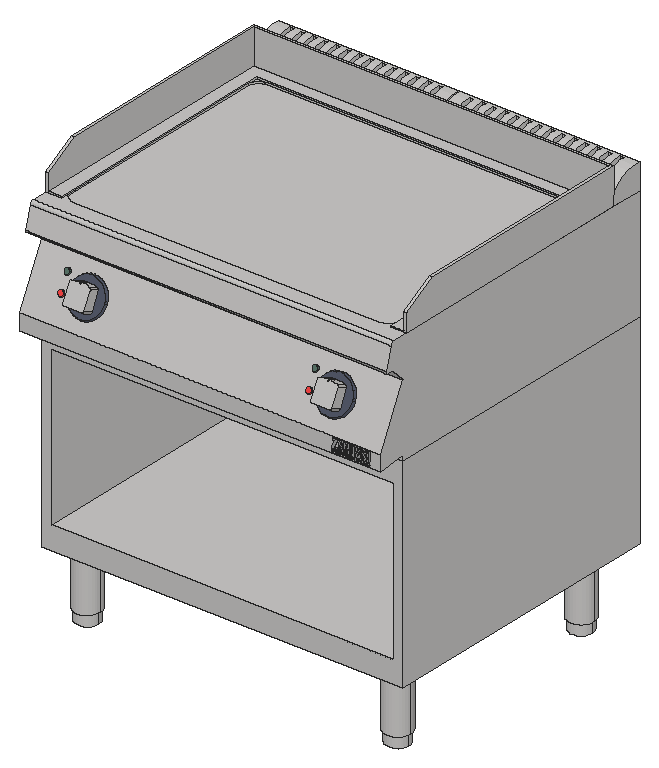
Revit family "QF_ZANUSSI_372346_Z7IIKDBLMEA", category Specialty Equipment, Revit 2018
Family settings
  Round Connector Dimension = Use Diameter
  Part Type = Normal
  Work Plane-Based = No
  Always vertical = Yes
  Cut with Voids When Loaded = No
  Shared = No
  Room Calculation Point = No
Parameters (values of type "Standard")
  Weight = 80.00 kg
  Watts = 0 W
  Volts = 400 V
  URL Manufacturer = "http://www.zanussiprofessional.com"
  URL = "http://www.zanussiprofessional.com"
  Steam Supply Size = 0"
  Steam Supply Minimum Pressure = 0.00 psi
  Steam Supply Maximum Pressure = 0.00 psi
  Steam Pounds per Hour = 0
  Show Logo [instance] = yes
  Show Clearance [instance] = yes
  Refrigeration Suction Line Size = 0"
  Refrigeration Liquid Line Size = 0"
  Refrigerant Compressor Remote = yes
  Phase = 3
  Model = "Z7IIKDBLMEA"
  Manufacturer = "Zanussi"
  Length Actual = 800 mm  # constant formula
  Item Number = "372346"
  Hot Water Size = 0"
  Height Actual = 850 mm  # constant formula
  HP = "11.3 HP"
  Gas Size = 0"
  Gas KW = 0
  Gas Input Pressure = 0.0 Btu/h
  Direct Waste Size = 0"
  Description = "ELECTRIC FRY TOP-SMOOTH PLATE+OPEN BASE 800MM-BRUSHED CHROME"
  Depth Actual = 700 mm  # constant formula
  Cycle = 60 Hz
  Condensate Return Size = 0"
  Compressed Air Volume = 0 GPM
  Compressed Air Size = 0"
  Compressed Air Pressure = 0.00 psi
  Cold Water Size = 0"
  Assembly Code = ""
  Accessory = yes
Reference planes
  plane 1 "BACK": y = 0
  plane 2: z = 0
  plane 3 "LEFT": x = 0
  plane 4 "RIGHT": x = 800
  plane 5 "FRONT": y = -716
  plane 6 "TOP": z = 288.925
  plane 7 "Center Y": x = 400
  plane 8 "Center X": y = -358
  plane 9 "BASE": z = 600
  plane 10 "TOP A": z = 850
  plane 11: y = -597.884
  plane 12: y = -147.637
  plane 13: y = -700
  plane 14 "panel": through (-6096, -715, 65.146) normal (0, 0.8956, -0.4448)
  plane 15: z = 930
  plane 16: z = 850
  plane 17: z = 149
  plane 18: x = 748
  plane 19: y = -29
  plane 20: y = -506
Forms (mm)
  Extrusion 1, solid, material "QF_Finishes_Stainless Steel"
    sketch origin (0, 0, 576) x (0, 1, 0) y (0, 0, 1)
      loop
        line (0, 24) -> (0, 274) -> (-679.358, 274)
        arc (-679.358, 274) -> (-684.643, 271.811) -> (-686.833, 266.526) r 7.474
        line (-686.833, 266.526) -> (-699.884, 221.011)
        arc (-699.884, 221.011) -> (-699.396, 218.379) -> (-697, 217.184) r 3
        line (-697, 217.184) -> (-686.802, 217.184) -> (-654.982, 185.364) -> (-716, 64.508) -> (-716, 29.508) -> (-658.645, 37.428)
        arc (-658.645, 37.428) -> (-656.101, 36.674) -> (-655, 34.259) r 3.2
        line (-655, 34.259) -> (-655, 24) -> (0, 24)
    from 0 to 800
  Extrusion 2, void
    sketch origin (0, -2.381, 850) x (-1, 0, 0) y (0, -1, 0)
      loop
        arc (-60.425, 102.504) -> (-42.464, 109.943) -> (-35.025, 127.904) r 25.4
        line (-35.025, 127.904) -> (-35.025, 617.104)
        arc (-35.025, 617.104) -> (-42.464, 635.064) -> (-60.425, 642.504) r 25.4
        line (-60.425, 642.504) -> (-739.575, 642.504)
        arc (-739.575, 642.504) -> (-757.536, 635.064) -> (-764.975, 617.104) r 25.4
        line (-764.975, 617.104) -> (-764.975, 127.904)
        arc (-764.975, 127.904) -> (-757.536, 109.943) -> (-739.575, 102.504) r 25.4
        line (-739.575, 102.504) -> (-60.425, 102.504)
    from 0 to -3.2
  Extrusion 3, solid, material "QF_Finishes_Clearance", visible <- "Show Clearance", detail levels coarse
    sketch origin (0, 0, 576) x (1, 0, 0) y (0, 1, 0)
      loop
        line (0, -716) -> (0, 0) -> (800, 0) -> (800, -716) -> (900, -716) -> (900, 100) -> (-100, 100) -> (-100, -716) -> (0, -716)
    from -576 to 354
  Sweep 4, solid, material "QF_Finishes_Stainless Steel"
    path origin (0, -2.381, 850) x (-1, 0, 0) y (0, -1, 0)
      loop
        line (-764.975, 642.504) -> (-764.975, 102.504) -> (-35.025, 102.504) -> (-35.025, 642.504)
    profile origin (35.025, -374.885, 850) x (1, 0, 0) y (0, 0, 1)
      loop
        line (-35.025, 0) -> (0, 0) -> (0, 3.175) -> (-28.675, 3.175) -> (-28.675, 80) -> (-35.025, 80) -> (-35.025, 0)
  Extrusion 5, void
    sketch origin (0, -69.86, 850) x (0, 1, 0) y (0, 0, 1)
      loop
        line (-575.025, 40.119) -> (-501.995, 80) -> (-575.025, 80) -> (-575.025, 40.119)
    from 0 to 6.35
  Extrusion 6, void
    sketch origin (800, -644.885, 850) x (0, -1, 0) y (0, 0, 1)
      loop
        line (0, 40.119) -> (0, 80) -> (-73.03, 80) -> (0, 40.119)
    from 0 to 6.35
  Extrusion 7, solid, material "QF_Finishes_Stainless Steel"
    sketch origin (0, 0, 576) x (0, 1, 0) y (0, 0, 1)
      loop
        line (0, 274) -> (0, 331.492)
        arc (0, 331.492) -> (-38.8, 324.37) -> (-69.85, 300.038) r 82.447
        line (-69.85, 300.038) -> (-69.85, 274) -> (0, 274)
    from 0 to 400.05
  Extrusion 8, void
    sketch origin (0, 0, 850.638) x (0, -1, 0) y (1, 0, 0)
      loop
        line (6.761, 29.703) -> (63.911, 29.703) -> (63.911, 38.999) -> (6.761, 38.999) -> (6.761, 29.703)
      loop
        line (63.911, 64.487) -> (6.761, 64.487) -> (6.761, 55.191) -> (63.911, 55.191) -> (63.911, 64.487)
      loop
        line (63.911, 89.975) -> (6.761, 89.975) -> (6.761, 80.68) -> (63.911, 80.68) -> (63.911, 89.975)
      loop
        line (63.911, 115.464) -> (6.761, 115.464) -> (6.761, 106.168) -> (63.911, 106.168) -> (63.911, 115.464)
      loop
        line (63.911, 140.952) -> (6.761, 140.952) -> (6.761, 131.656) -> (63.911, 131.656) -> (63.911, 140.952)
      loop
        line (63.911, 166.44) -> (6.761, 166.44) -> (6.761, 157.145) -> (63.911, 157.145) -> (63.911, 166.44)
      loop
        line (63.911, 191.929) -> (6.761, 191.929) -> (6.761, 182.633) -> (63.911, 182.633) -> (63.911, 191.929)
      loop
        line (63.911, 217.417) -> (6.761, 217.417) -> (6.761, 208.121) -> (63.911, 208.121) -> (63.911, 217.417)
      loop
        line (63.911, 242.905) -> (6.761, 242.905) -> (6.761, 233.61) -> (63.911, 233.61) -> (63.911, 242.905)
      loop
        line (63.911, 268.394) -> (6.761, 268.394) -> (6.761, 259.098) -> (63.911, 259.098) -> (63.911, 268.394)
      loop
        line (63.911, 293.882) -> (6.761, 293.882) -> (6.761, 284.586) -> (63.911, 284.586) -> (63.911, 293.882)
      loop
        line (63.911, 319.37) -> (6.761, 319.37) -> (6.761, 310.075) -> (63.911, 310.075) -> (63.911, 319.37)
      loop
        line (63.911, 344.859) -> (6.761, 344.859) -> (6.761, 335.563) -> (63.911, 335.563) -> (63.911, 344.859)
      loop
        line (63.911, 370.347) -> (6.761, 370.347) -> (6.761, 361.051) -> (63.911, 361.051) -> (63.911, 370.347)
    from 25.4 to 63.5
  Extrusion 9, solid, material "QF_Finishes_Stainless Steel"
    sketch origin (400.05, 0, 576) x (0, 1, 0) y (0, 0, 1)
      loop
        line (0, 274) -> (0, 331.492)
        arc (0, 331.492) -> (-38.8, 324.37) -> (-69.85, 300.038) r 82.447
        line (-69.85, 300.038) -> (-69.85, 274) -> (0, 274)
    from 0 to 399.95
  Extrusion 10, void
    sketch origin (400.05, 0, 850.638) x (0, -1, 0) y (1, 0, 0)
      loop
        line (6.761, 29.653) -> (63.911, 29.653) -> (63.911, 38.949) -> (6.761, 38.949) -> (6.761, 29.653)
      loop
        line (63.911, 64.437) -> (6.761, 64.437) -> (6.761, 55.141) -> (63.911, 55.141) -> (63.911, 64.437)
      loop
        line (63.911, 89.925) -> (6.761, 89.925) -> (6.761, 80.63) -> (63.911, 80.63) -> (63.911, 89.925)
      loop
        line (63.911, 115.414) -> (6.761, 115.414) -> (6.761, 106.118) -> (63.911, 106.118) -> (63.911, 115.414)
      loop
        line (63.911, 140.902) -> (6.761, 140.902) -> (6.761, 131.606) -> (63.911, 131.606) -> (63.911, 140.902)
      loop
        line (63.911, 166.39) -> (6.761, 166.39) -> (6.761, 157.095) -> (63.911, 157.095) -> (63.911, 166.39)
      loop
        line (63.911, 191.879) -> (6.761, 191.879) -> (6.761, 182.583) -> (63.911, 182.583) -> (63.911, 191.879)
      loop
        line (63.911, 217.367) -> (6.761, 217.367) -> (6.761, 208.071) -> (63.911, 208.071) -> (63.911, 217.367)
      loop
        line (63.911, 242.855) -> (6.761, 242.855) -> (6.761, 233.56) -> (63.911, 233.56) -> (63.911, 242.855)
      loop
        line (63.911, 268.344) -> (6.761, 268.344) -> (6.761, 259.048) -> (63.911, 259.048) -> (63.911, 268.344)
      loop
        line (63.911, 293.832) -> (6.761, 293.832) -> (6.761, 284.536) -> (63.911, 284.536) -> (63.911, 293.832)
      loop
        line (63.911, 319.32) -> (6.761, 319.32) -> (6.761, 310.025) -> (63.911, 310.025) -> (63.911, 319.32)
      loop
        line (63.911, 344.809) -> (6.761, 344.809) -> (6.761, 335.513) -> (63.911, 335.513) -> (63.911, 344.809)
      loop
        line (63.911, 370.297) -> (6.761, 370.297) -> (6.761, 361.001) -> (63.911, 361.001) -> (63.911, 370.297)
    from 25.4 to 63.5
  Blend 11, solid, material "QF_Finishes_Navy Blue"
    base sketch origin (675, -684.991, 701.574) x (1, 0, 0) y (0, 0.444781, 0.895639)
      loop
        circle (0, 0) r 42.5
    top sketch origin (675, -684.991, 701.574) x (1, 0, 0) y (0, 0.444781, 0.895639)
      loop
        circle (0, 0) r 40.5
    from 0 to 5
  Extrusion 12, solid, material "QF_Finishes_Stainless Steel"
    sketch origin (675, -684.991, 701.574) x (1, 0, 0) y (0, 0.444781, 0.895639)
      loop
        arc (-21.147, 22.789) -> (-22.494, 21.685) -> (-23, 20.019) r 2.997
        line (-23, 20.019) -> (-23, -20.019)
        arc (-23, -20.019) -> (-22.122, -22.138) -> (-20.003, -23.016) r 2.997
        line (-20.003, -23.016) -> (20.003, -23.016)
        arc (20.003, -23.016) -> (22.122, -22.138) -> (23, -20.019) r 2.997
        line (23, -20.019) -> (23, 20.019)
        arc (23, 20.019) -> (22.494, 21.685) -> (21.147, 22.789) r 2.997
        arc (21.147, 22.789) -> (0, 26.984) -> (-21.147, 22.789) r 55.4
    from 10 to 34
  Extrusion 13, solid, material "QF_Plastic-Black-Matte"
    sketch origin (755, -684.991, 701.574) x (0, 0.444781, 0.895639) y (0, -0.895639, 0.444781)
      loop
        line (26.984, 34) -> (26.984, 19) -> (27.984, 19) -> (27.984, 34)
        arc (27.984, 34) -> (27.691, 34.707) -> (26.984, 35) r 1
        line (26.984, 35) -> (23.984, 35) -> (23.984, 34) -> (26.984, 34)
    from -81 to -79
  Extrusion 14, solid, material "QF_Finishes_Red"
    sketch origin (675, -689.439, 692.617) x (1, 0, 0) y (0, 0.444781, 0.895639)
      loop
        circle (-55.001, 0) r 6
    from 0 to 1.6
  Extrusion 15, solid, material "QF_Finishes_Stainless Steel"
    sketch origin (675, -684.991, 701.574) x (1, 0, 0) y (0, 0.444781, 0.895639)
      loop
        line (17.5, 17.5) -> (-17.5, 17.5) -> (-17.5, -17.5) -> (17.5, -17.5) -> (17.5, 17.5)
    from 5 to 10
  Extrusion 16, solid, material "QF_Finishes_DarkGreen"
    sketch origin (675, -671.648, 728.443) x (1, 0, 0) y (0, 0.444781, 0.895639)
      loop
        circle (-55.001, 0) r 6
    from 0 to 1.6
  Blend 17, solid, material "QF_Finishes_Navy Blue"
    base sketch origin (125, -684.991, 701.574) x (1, 0, 0) y (0, 0.444781, 0.895639)
      loop
        circle (0, 0) r 42.5
    top sketch origin (125, -684.991, 701.574) x (1, 0, 0) y (0, 0.444781, 0.895639)
      loop
        circle (0, 0) r 40.5
    from 0 to 5
  Extrusion 18, solid, material "QF_Finishes_Stainless Steel"
    sketch origin (125, -684.991, 701.574) x (1, 0, 0) y (0, 0.444781, 0.895639)
      loop
        arc (-21.147, 22.789) -> (-22.494, 21.685) -> (-23, 20.019) r 2.997
        line (-23, 20.019) -> (-23, -20.019)
        arc (-23, -20.019) -> (-22.122, -22.138) -> (-20.003, -23.016) r 2.997
        line (-20.003, -23.016) -> (20.003, -23.016)
        arc (20.003, -23.016) -> (22.122, -22.138) -> (23, -20.019) r 2.997
        line (23, -20.019) -> (23, 20.019)
        arc (23, 20.019) -> (22.494, 21.685) -> (21.147, 22.789) r 2.997
        arc (21.147, 22.789) -> (0, 26.984) -> (-21.147, 22.789) r 55.4
    from 10 to 34
  Extrusion 19, solid, material "QF_Plastic-Black-Matte"
    sketch origin (205, -684.991, 701.574) x (0, 0.444781, 0.895639) y (0, -0.895639, 0.444781)
      loop
        line (26.984, 34) -> (26.984, 19) -> (27.984, 19) -> (27.984, 34)
        arc (27.984, 34) -> (27.691, 34.707) -> (26.984, 35) r 1
        line (26.984, 35) -> (23.984, 35) -> (23.984, 34) -> (26.984, 34)
    from -81 to -79
  Extrusion 20, solid, material "QF_Finishes_Red"
    sketch origin (125, -689.439, 692.617) x (1, 0, 0) y (0, 0.444781, 0.895639)
      loop
        circle (-55.001, 0) r 6
    from 0 to 1.6
  Extrusion 21, solid, material "QF_Finishes_Stainless Steel"
    sketch origin (125, -684.991, 701.574) x (1, 0, 0) y (0, 0.444781, 0.895639)
      loop
        line (17.5, 17.5) -> (-17.5, 17.5) -> (-17.5, -17.5) -> (17.5, -17.5) -> (17.5, 17.5)
    from 5 to 10
  Extrusion 22, solid, material "QF_Finishes_DarkGreen"
    sketch origin (125, -671.648, 728.443) x (1, 0, 0) y (0, 0.444781, 0.895639)
      loop
        circle (-55.001, 0) r 6
    from 0 to 1.6
  Extrusion 23, solid, material "QF_Finishes_Stainless Steel"
    sketch origin (0, 0, 0) x (1, 0, 0) y (0, 1, 0)
      loop
        line (0, 0) -> (0, -655) -> (800, -655) -> (800, 0) -> (0, 0)
    from 149 to 600
  Extrusion 24, void
    sketch origin (830.077, -655, 0) x (1, 0, 0) y (0, 0, -1)
      loop
        line (-810.077, -199) -> (-810.077, -550) -> (-50.077, -550) -> (-50.077, -199) -> (-810.077, -199)
    from 0 to 507.362
  Extrusion 25, solid, material "QF_Finishes_Stainless Steel"
    sketch origin (0, 0, 139) x (1, 0, 0) y (0, 1, 0)
      loop
        circle (748, -29) r 10
      loop
        circle (748, -506) r 10
    from 0 to 10
Cuts and joins
  Extrusion 2 cuts Extrusion 1
  Extrusion 5, Extrusion 6 cuts Sweep 4
  Extrusion 8 cuts Extrusion 7
  Extrusion 10 cuts Extrusion 9
  Extrusion 24 cuts Extrusion 23
Lines and regions (mm)
  Split face 1
    outline origin (676.664, -684.796, 713.208) x (1, 0, 0) y (0, 0.444781, 0.895639)
      loop
        circle (-34, 0) r 1.5
  Split face 2
    outline origin (673.297, -687.581, 707.6) x (1, 0, 0) y (0, 0.444781, 0.895639)
      loop
        circle (-30.633, -14.752) r 1.5
  Split face 3
    outline origin (676.214, -689.88, 702.97) x (1, 0, 0) y (0, 0.444781, 0.895639)
      loop
        circle (-21.199, -26.582) r 1.5
  Split face 4
    outline origin (682.566, -689.848, 703.034) x (1, 0, 0) y (0, 0.444781, 0.895639)
      loop
        circle (-7.566, -33.148) r 1.5
  Split face 5
    outline origin (687.419, -686.96, 708.85) x (1, 0, 0) y (0, 0.444781, 0.895639)
      loop
        circle (7.566, -33.148) r 1.5
  Split face 6
    outline origin (686.137, -682.319, 718.196) x (1, 0, 0) y (0, 0.444781, 0.895639)
      loop
        circle (21.199, -26.582) r 1.5
  Split face 7
    outline origin (676.5, -678.264, 726.361) x (1, 0, 0) y (0, 0.444781, 0.895639)
      loop
        circle (30.633, -14.752) r 1.5
  Split face 8
    outline origin (660.985, -677.235, 728.433) x (1, 0, 0) y (0, 0.444781, 0.895639)
      loop
        circle (34, 0) r 1.5
  Split face 9
    outline origin (675, -689.469, 703.797) x (1, 0, 0) y (0, 0.444781, 0.895639)
      loop
        circle (0, 33.561) r 1.5
  Split face 10
    outline origin (126.664, -684.796, 713.208) x (1, 0, 0) y (0, 0.444781, 0.895639)
      loop
        circle (-34, 0) r 1.5
  Split face 11
    outline origin (123.297, -687.581, 707.6) x (1, 0, 0) y (0, 0.444781, 0.895639)
      loop
        circle (-30.633, -14.752) r 1.5
  Split face 12
    outline origin (126.214, -689.88, 702.97) x (1, 0, 0) y (0, 0.444781, 0.895639)
      loop
        circle (-21.199, -26.582) r 1.5
  Split face 13
    outline origin (132.566, -689.848, 703.034) x (1, 0, 0) y (0, 0.444781, 0.895639)
      loop
        circle (-7.566, -33.148) r 1.5
  Split face 14
    outline origin (137.419, -686.96, 708.85) x (1, 0, 0) y (0, 0.444781, 0.895639)
      loop
        circle (7.566, -33.148) r 1.5
  Split face 15
    outline origin (136.137, -682.319, 718.196) x (1, 0, 0) y (0, 0.444781, 0.895639)
      loop
        circle (21.199, -26.582) r 1.5
  Split face 16
    outline origin (126.5, -678.264, 726.361) x (1, 0, 0) y (0, 0.444781, 0.895639)
      loop
        circle (30.633, -14.752) r 1.5
  Split face 17
    outline origin (110.985, -677.235, 728.433) x (1, 0, 0) y (0, 0.444781, 0.895639)
      loop
        circle (34, 0) r 1.5
  Split face 18
    outline origin (125, -689.469, 703.797) x (1, 0, 0) y (0, 0.444781, 0.895639)
      loop
        circle (0, 33.561) r 1.5
  symbolic lines, style "QF-Clearances", visible <- "Show Clearance", detail levels coarse
    curve 1: line (-100, 100, 850) -> (-100, -716, 850)
    curve 2: line (900, 100, 850) -> (-100, 100, 850)
    curve 3: line (900, -717.377, 850) -> (900, 100, 850)
  symbolic lines
    curve 4: line (0, 0, 850) -> (800, 0, 850)
    curve 5: line (0, -716, 850) -> (0, 0, 850)
    curve 6: line (800, 0, 850) -> (800, -716, 850)
    curve 7: line (35.025, -104.885, 850) -> (35.025, -644.885, 850)
    curve 8: arc (35.025, -619.485, 850) -> (42.464, -637.445, 850) -> (60.425, -644.885, 850) r 25.4
    curve 9: line (0, -644.885, 850) -> (35.025, -644.885, 850)
    curve 10: arc (739.215, -644.885, 850) -> (757.736, -637.213, 850) -> (765.407, -618.692, 850) r 26.193
    curve 11: line (765.407, -644.885, 850) -> (765.407, -104.885, 850)
    curve 12: line (765.407, -104.885, 850) -> (35.025, -104.885, 850)
    curve 13: line (0, -69.85, 850) -> (800, -69.85, 850)
    curve 14: arc (64.125, -104.885, 850) -> (43.548, -113.408, 850) -> (35.025, -133.985, 850) r 29.1
    curve 15: arc (739.863, -104.885, 850) -> (757.926, -112.367, 850) -> (765.407, -130.429, 850) r 25.544
    curve 16: line (6.35, -76.21, 850) -> (6.35, -644.885, 850)
    curve 17: line (6.35, -76.21, 850) -> (793.65, -76.21, 850)
    curve 18: line (793.65, -76.21, 850) -> (793.65, -644.885, 850)
    curve 19: line (765.407, -644.885, 850) -> (800, -644.885, 850)
    curve 20: line (60.425, -644.885, 850) -> (739.215, -644.885, 850)
    curve 21: line (0, 0, 274.638) -> (800, 0, 274.638)
    curve 22: line (0, -69.85, 274.638) -> (800, -69.85, 274.638)
    curve 23: line (29.703, -6.761, 0) -> (38.999, -6.761, 0)
    curve 24: line (29.703, -63.911, 0) -> (29.703, -6.761, 0)
    curve 25: line (38.999, -63.911, 0) -> (29.703, -63.911, 0)
    curve 26: line (38.999, -6.761, 0) -> (38.999, -63.911, 0)
    curve 27: line (55.191, -6.761, 0) -> (64.487, -6.761, 0)
    curve 28: line (55.191, -63.911, 0) -> (55.191, -6.761, 0)
    curve 29: line (64.487, -63.911, 0) -> (55.191, -63.911, 0)
    curve 30: line (64.487, -6.761, 0) -> (64.487, -63.911, 0)
    curve 31: line (80.68, -6.761, 0) -> (89.975, -6.761, 0)
    curve 32: line (80.68, -63.911, 0) -> (80.68, -6.761, 0)
    curve 33: line (89.975, -63.911, 0) -> (80.68, -63.911, 0)
    curve 34: line (89.975, -6.761, 0) -> (89.975, -63.911, 0)
    curve 35: line (106.168, -6.761, 0) -> (115.464, -6.761, 0)
    curve 36: line (106.168, -63.911, 0) -> (106.168, -6.761, 0)
    curve 37: line (115.464, -63.911, 0) -> (106.168, -63.911, 0)
    curve 38: line (115.464, -6.761, 0) -> (115.464, -63.911, 0)
    curve 39: line (131.656, -6.761, 0) -> (140.952, -6.761, 0)
    curve 40: line (131.656, -63.911, 0) -> (131.656, -6.761, 0)
    curve 41: line (140.952, -63.911, 0) -> (131.656, -63.911, 0)
    curve 42: line (140.952, -6.761, 0) -> (140.952, -63.911, 0)
    curve 43: line (157.145, -6.761, 0) -> (166.44, -6.761, 0)
    curve 44: line (157.145, -63.911, 0) -> (157.145, -6.761, 0)
    curve 45: line (166.44, -63.911, 0) -> (157.145, -63.911, 0)
    curve 46: line (166.44, -6.761, 0) -> (166.44, -63.911, 0)
    curve 47: line (182.633, -6.761, 0) -> (191.929, -6.761, 0)
    curve 48: line (182.633, -63.911, 0) -> (182.633, -6.761, 0)
    curve 49: line (191.929, -63.911, 0) -> (182.633, -63.911, 0)
    curve 50: line (191.929, -6.761, 0) -> (191.929, -63.911, 0)
    curve 51: line (208.121, -6.761, 0) -> (217.417, -6.761, 0)
    curve 52: line (208.121, -63.911, 0) -> (208.121, -6.761, 0)
    curve 53: line (217.417, -63.911, 0) -> (208.121, -63.911, 0)
    curve 54: line (217.417, -6.761, 0) -> (217.417, -63.911, 0)
    curve 55: line (233.61, -6.761, 0) -> (242.905, -6.761, 0)
    curve 56: line (233.61, -63.911, 0) -> (233.61, -6.761, 0)
    curve 57: line (242.905, -63.911, 0) -> (233.61, -63.911, 0)
    curve 58: line (242.905, -6.761, 0) -> (242.905, -63.911, 0)
    curve 59: line (259.098, -6.761, 0) -> (268.394, -6.761, 0)
    curve 60: line (259.098, -63.911, 0) -> (259.098, -6.761, 0)
    curve 61: line (268.394, -63.911, 0) -> (259.098, -63.911, 0)
    curve 62: line (268.394, -6.761, 0) -> (268.394, -63.911, 0)
    curve 63: line (284.586, -6.761, 0) -> (293.882, -6.761, 0)
    curve 64: line (284.586, -63.911, 0) -> (284.586, -6.761, 0)
    curve 65: line (293.882, -63.911, 0) -> (284.586, -63.911, 0)
    curve 66: line (293.882, -6.761, 0) -> (293.882, -63.911, 0)
    curve 67: line (310.075, -6.761, 0) -> (319.37, -6.761, 0)
    curve 68: line (310.075, -63.911, 0) -> (310.075, -6.761, 0)
    curve 69: line (319.37, -63.911, 0) -> (310.075, -63.911, 0)
    curve 70: line (319.37, -6.761, 0) -> (319.37, -63.911, 0)
    curve 71: line (335.563, -6.761, 0) -> (344.859, -6.761, 0)
    curve 72: line (335.563, -63.911, 0) -> (335.563, -6.761, 0)
    curve 73: line (344.859, -63.911, 0) -> (335.563, -63.911, 0)
    curve 74: line (344.859, -6.761, 0) -> (344.859, -63.911, 0)
    curve 75: line (361.051, -6.761, 0) -> (370.347, -6.761, 0)
    curve 76: line (361.051, -63.911, 0) -> (361.051, -6.761, 0)
    curve 77: line (370.347, -63.911, 0) -> (361.051, -63.911, 0)
    curve 78: line (370.347, -6.761, 0) -> (370.347, -63.911, 0)
    curve 79: line (400, 0, 0) -> (400, -69.85, 0)
    curve 80: line (770.347, -6.761, 0) -> (761.051, -6.761, 0)
    curve 81: line (770.347, -63.911, 0) -> (770.347, -6.761, 0)
    curve 82: line (761.051, -63.911, 0) -> (770.347, -63.911, 0)
    curve 83: line (761.051, -6.761, 0) -> (761.051, -63.911, 0)
    curve 84: line (744.859, -6.761, 0) -> (735.563, -6.761, 0)
    curve 85: line (744.859, -63.911, 0) -> (744.859, -6.761, 0)
    curve 86: line (735.563, -63.911, 0) -> (744.859, -63.911, 0)
    curve 87: line (735.563, -6.761, 0) -> (735.563, -63.911, 0)
    curve 88: line (719.37, -6.761, 0) -> (710.075, -6.761, 0)
    curve 89: line (719.37, -63.911, 0) -> (719.37, -6.761, 0)
    curve 90: line (710.075, -63.911, 0) -> (719.37, -63.911, 0)
    curve 91: line (710.075, -6.761, 0) -> (710.075, -63.911, 0)
    curve 92: line (693.882, -6.761, 0) -> (684.586, -6.761, 0)
    curve 93: line (693.882, -63.911, 0) -> (693.882, -6.761, 0)
    curve 94: line (684.586, -63.911, 0) -> (693.882, -63.911, 0)
    curve 95: line (684.586, -6.761, 0) -> (684.586, -63.911, 0)
    curve 96: line (668.394, -6.761, 0) -> (659.098, -6.761, 0)
    curve 97: line (668.394, -63.911, 0) -> (668.394, -6.761, 0)
    curve 98: line (659.098, -63.911, 0) -> (668.394, -63.911, 0)
    curve 99: line (659.098, -6.761, 0) -> (659.098, -63.911, 0)
    curve 100: line (642.905, -6.761, 0) -> (633.61, -6.761, 0)
    curve 101: line (642.905, -63.911, 0) -> (642.905, -6.761, 0)
    curve 102: line (633.61, -63.911, 0) -> (642.905, -63.911, 0)
    curve 103: line (633.61, -6.761, 0) -> (633.61, -63.911, 0)
    curve 104: line (617.417, -6.761, 0) -> (608.121, -6.761, 0)
    curve 105: line (617.417, -63.911, 0) -> (617.417, -6.761, 0)
    curve 106: line (608.121, -63.911, 0) -> (617.417, -63.911, 0)
    curve 107: line (608.121, -6.761, 0) -> (608.121, -63.911, 0)
    curve 108: line (591.929, -6.761, 0) -> (582.633, -6.761, 0)
    curve 109: line (591.929, -63.911, 0) -> (591.929, -6.761, 0)
    curve 110: line (582.633, -63.911, 0) -> (591.929, -63.911, 0)
    curve 111: line (582.633, -6.761, 0) -> (582.633, -63.911, 0)
    curve 112: line (566.44, -6.761, 0) -> (557.145, -6.761, 0)
    curve 113: line (566.44, -63.911, 0) -> (566.44, -6.761, 0)
    curve 114: line (557.145, -63.911, 0) -> (566.44, -63.911, 0)
    curve 115: line (557.145, -6.761, 0) -> (557.145, -63.911, 0)
    curve 116: line (540.952, -6.761, 0) -> (531.656, -6.761, 0)
    curve 117: line (540.952, -63.911, 0) -> (540.952, -6.761, 0)
    curve 118: line (531.656, -63.911, 0) -> (540.952, -63.911, 0)
    curve 119: line (531.656, -6.761, 0) -> (531.656, -63.911, 0)
    curve 120: line (515.464, -6.761, 0) -> (506.168, -6.761, 0)
    curve 121: line (515.464, -63.911, 0) -> (515.464, -6.761, 0)
    curve 122: line (506.168, -63.911, 0) -> (515.464, -63.911, 0)
    curve 123: line (506.168, -6.761, 0) -> (506.168, -63.911, 0)
    curve 124: line (489.975, -6.761, 0) -> (480.68, -6.761, 0)
    curve 125: line (489.975, -63.911, 0) -> (489.975, -6.761, 0)
    curve 126: line (480.68, -63.911, 0) -> (489.975, -63.911, 0)
    curve 127: line (480.68, -6.761, 0) -> (480.68, -63.911, 0)
    curve 128: line (464.487, -6.761, 0) -> (455.191, -6.761, 0)
    curve 129: line (464.487, -63.911, 0) -> (464.487, -6.761, 0)
    curve 130: line (455.191, -63.911, 0) -> (464.487, -63.911, 0)
    curve 131: line (455.191, -6.761, 0) -> (455.191, -63.911, 0)
    curve 132: line (438.999, -6.761, 0) -> (429.703, -6.761, 0)
    curve 133: line (438.999, -63.911, 0) -> (438.999, -6.761, 0)
    curve 134: line (429.703, -63.911, 0) -> (438.999, -63.911, 0)
    curve 135: line (429.703, -6.761, 0) -> (429.703, -63.911, 0)
    curve 136: line (0, -700, 0) -> (800, -700, 0)
    curve 137: line (698, -700, 0) -> (698, -725.347, 0)
    curve 138: arc (698, -725.347, 0) -> (697.854, -725.811, 0) -> (697.468, -726.107, 0) r 0.809
    curve 139: arc (697.468, -726.107, 0) -> (696.28, -726.587, 0) -> (695.003, -726.68, 0) r 4.127
    curve 140: arc (698, -704.292, 0) -> (703.041, -702.458, 0) -> (707.809, -700, 0) r 42.24
    curve 141: arc (698, -706.539, 0) -> (697.498, -705.818, 0) -> (696.701, -705.448, 0) r 1.682
    curve 142: arc (696.701, -705.448, 0) -> (686.397, -703.964, 0) -> (676, -703.459, 0) r 110.06
    curve 143: line (676, -700, 0) -> (676, -705.671, 0)
    curve 144: line (676, -705.671, 0) -> (674, -705.671, 0)
    curve 145: line (674, -705.671, 0) -> (674, -700, 0)
    curve 146: line (652, -700, 0) -> (652, -725.347, 0)
    curve 147: arc (652, -725.347, 0) -> (652.146, -725.811, 0) -> (652.532, -726.107, 0) r 0.809
    curve 148: arc (652.532, -726.107, 0) -> (653.72, -726.587, 0) -> (654.997, -726.68, 0) r 4.127
    curve 149: arc (652, -704.292, 0) -> (646.959, -702.458, 0) -> (642.191, -700, 0) r 42.24
    curve 150: arc (652, -706.539, 0) -> (652.502, -705.818, 0) -> (653.299, -705.448, 0) r 1.682
    curve 151: arc (653.299, -705.448, 0) -> (663.603, -703.964, 0) -> (674, -703.459, 0) r 110.06
    curve 152: line (695.003, -726.68, 0) -> (654.997, -726.68, 0)
    curve 153: line (148, -716, 0) -> (652, -716, 0)
    curve 154: line (698, -716, 0) -> (800, -716, 0)
    curve 155: line (148, -700, 0) -> (148, -725.347, 0)
    curve 156: arc (148, -725.347, 0) -> (147.854, -725.811, 0) -> (147.468, -726.107, 0) r 0.809
    curve 157: arc (147.468, -726.107, 0) -> (146.28, -726.587, 0) -> (145.003, -726.68, 0) r 4.127
    curve 158: arc (148, -704.292, 0) -> (153.041, -702.458, 0) -> (157.809, -700, 0) r 42.24
    curve 159: arc (148, -706.539, 0) -> (147.498, -705.818, 0) -> (146.701, -705.448, 0) r 1.682
    curve 160: arc (146.701, -705.448, 0) -> (136.397, -703.964, 0) -> (126, -703.459, 0) r 110.06
    curve 161: line (126, -700, 0) -> (126, -705.671, 0)
    curve 162: line (126, -705.671, 0) -> (124, -705.671, 0)
    curve 163: line (124, -705.671, 0) -> (124, -700, 0)
    curve 164: line (102, -700, 0) -> (102, -725.347, 0)
    curve 165: arc (102, -725.347, 0) -> (102.146, -725.811, 0) -> (102.532, -726.107, 0) r 0.809
    curve 166: arc (102.532, -726.107, 0) -> (103.72, -726.587, 0) -> (104.997, -726.68, 0) r 4.127
    curve 167: arc (102, -704.292, 0) -> (96.959, -702.458, 0) -> (92.191, -700, 0) r 42.24
    curve 168: arc (102, -706.539, 0) -> (102.502, -705.818, 0) -> (103.299, -705.448, 0) r 1.682
    curve 169: arc (103.299, -705.448, 0) -> (113.603, -703.964, 0) -> (124, -703.459, 0) r 110.06
    curve 170: line (145.003, -726.68, 0) -> (104.997, -726.68, 0)
    curve 171: line (102, -716, 0) -> (0, -716, 0)
  symbolic lines, style "QF-Clearances"
    curve 172: line (-100, -716, 0) -> (0, -716, 0)
    curve 173: line (800, -716, 0) -> (900, -716, 0)
Dimensions and locks
  equal spacing: plane 3 "LEFT", plane 7 "Center Y", plane 4 "RIGHT"
  plane 3 "LEFT" to plane 4 "RIGHT" = 800 mm
  equal spacing: plane 5 "FRONT", plane 8 "Center X", plane 1 "BACK"
  plane 5 "FRONT" to plane 1 "BACK" = 716 mm
  plane 1 "BACK" to plane 5 "FRONT" = 716 mm
  Sweep 4 sketch curve to level = 930 mm
  plane 10 "TOP A" to plane 9 "BASE" = 250 mm  (x2)
  plane 9 "BASE" to level = 600 mm
  plane 1 "BACK" to plane 13 = 700 mm
  plane 15 to level = 930 mm
  plane 16 to level = 850 mm
  plane 16 to plane 17 to level = 701 mm, 149 mm
  nested 1 to plane 3 "LEFT" = 56 mm
  nested 2 to nested 1 = 688 mm
  plane 1 "BACK" to nested 1 = 91 mm
  nested 1 to nested 3 = 509 mm
  plane 1 "BACK" to Extrusion 23 = 655 mm
  plane 18 to plane 4 "RIGHT" = 52 mm
  plane 20 to plane 19 to plane 1 "BACK" = 477 mm, 29 mm
  aligned and locked: level to plane 2
  aligned and locked: plane 4 "RIGHT" to Extrusion 1
  aligned: plane 6 "TOP" to Extrusion 3
  aligned and locked: Extrusion 23 sketch curve to cut or joined group of Extrusion 1, Extrusion 2  (x3)
  aligned and locked: Extrusion 23 to plane 17
Automatic sketch dimensions
  Extrusion 1 sketch curve to plane 5 "FRONT" = 0 mm
  Extrusion 1 sketch curve to plane 10 "TOP A" = 0 mm
  Extrusion 1 sketch curve to plane 9 "BASE" = 0 mm
  Extrusion 1 sketch curve to plane 1 "BACK" = 0 mm
  Extrusion 1 sketch curve to plane 13 = 0.116 mm
  Extrusion 1 sketch curve to plane 13 = 3 mm
  Extrusion 1 sketch curve to plane 10 "TOP A" = 7.474 mm
  Extrusion 1 sketch curve to plane 13 = 13.167 mm
  Extrusion 1 sketch curve to Extrusion 1 sketch curve = 10.198 mm
  plane 9 "BASE" to Extrusion 1 sketch curve = 13.428 mm
  Extrusion 1 sketch curve to plane 13 = 41.355 mm
  Extrusion 1 sketch curve to Extrusion 1 sketch curve = 0.445 mm
  Extrusion 1 sketch curve to Extrusion 1 sketch curve = 3.2 mm
  Extrusion 1 sketch curve to Extrusion 1 sketch curve = 31.82 mm
  plane 9 "BASE" to Extrusion 1 sketch curve = 5.508 mm
  Extrusion 1 sketch curve to Extrusion 1 sketch curve = 35 mm
  Extrusion 1 sketch curve to Extrusion 1 sketch curve = 81.162 mm
  Extrusion 1 sketch curve to Extrusion 1 sketch curve = 49.342 mm
  Extrusion 1 sketch curve to Extrusion 1 sketch curve = 3 mm
  Extrusion 2 sketch curve to plane 4 "RIGHT" = 35.025 mm
  Extrusion 2 sketch curve to Extrusion 2 sketch curve = 25.4 mm  (x3)
  Extrusion 2 sketch curve to plane 12 = 17.353 mm
  plane 3 "LEFT" to Extrusion 2 sketch curve = 60.425 mm  (x2)
  plane 11 to Extrusion 2 sketch curve = 21.6 mm
  plane 5 "FRONT" to Extrusion 3 sketch curve = 0 mm  (x2)
  plane 1 "BACK" to Extrusion 3 sketch curve = 0 mm
  Extrusion 3 sketch curve to plane 3 "LEFT" = 0 mm
  Extrusion 3 sketch curve to plane 4 "RIGHT" = 0 mm
  Extrusion 3 sketch curve to plane 3 "LEFT" = 100 mm
  plane 4 "RIGHT" to Extrusion 3 sketch curve = 100 mm
  Extrusion 3 sketch curve to plane 1 "BACK" = 100 mm
  Sweep 4 sketch curve to plane 4 "RIGHT" = 35.025 mm
  plane 3 "LEFT" to Sweep 4 sketch curve = 35.025 mm
  Sweep 4 sketch curve to plane 12 = 42.753 mm
  plane 11 to Sweep 4 sketch curve = 47 mm  (x2)
  Extrusion 5 sketch curve to Sweep 4 = 0 mm  (x2)
  Extrusion 5 sketch curve to Extrusion 5 sketch curve = 73.03 mm
  Extrusion 5 sketch curve to Extrusion 5 sketch curve = 39.881 mm
  Sweep 4 to Extrusion 6 sketch curve = 0 mm
  Extrusion 6 sketch curve to Sweep 4 = 0 mm
  Extrusion 6 sketch curve to Extrusion 6 sketch curve = 73.03 mm
  Extrusion 6 sketch curve to Extrusion 6 sketch curve = 39.881 mm
  Extrusion 7 sketch curve to plane 10 "TOP A" = 0 mm
  Extrusion 7 sketch curve to plane 1 "BACK" = 0 mm
  plane 1 "BACK" to Extrusion 7 sketch curve = 4.947 mm
  plane 6 "TOP" to Extrusion 7 sketch curve = 587.113 mm
  plane 1 "BACK" to Extrusion 7 sketch curve = 69.85 mm
  Extrusion 7 sketch curve to plane 10 "TOP A" = 24.807 mm
  plane 1 "BACK" to Extrusion 8 sketch curve = 6.761 mm  (x14)
  Extrusion 8 sketch curve to Extrusion 8 sketch curve = 57.15 mm
  Extrusion 8 sketch curve to Extrusion 8 sketch curve = 0 mm  (x13)
  plane 3 "LEFT" to Extrusion 8 sketch curve = 29.703 mm
  Extrusion 8 sketch curve to Extrusion 8 sketch curve = 9.296 mm  (x14)
  Extrusion 8 sketch curve to Extrusion 8 sketch curve = 16.193 mm  (x13)
  Extrusion 9 sketch curve to plane 10 "TOP A" = 0 mm
  Extrusion 9 sketch curve to plane 1 "BACK" = 0 mm
  plane 1 "BACK" to Extrusion 9 sketch curve = 4.947 mm
  plane 6 "TOP" to Extrusion 9 sketch curve = 587.113 mm
  plane 1 "BACK" to Extrusion 9 sketch curve = 69.85 mm
  Extrusion 9 sketch curve to plane 10 "TOP A" = 24.807 mm
  plane 1 "BACK" to Extrusion 10 sketch curve = 6.761 mm  (x14)
  Extrusion 10 sketch curve to Extrusion 10 sketch curve = 57.15 mm
  Extrusion 10 sketch curve to Extrusion 10 sketch curve = 0 mm  (x13)
  plane 7 "Center Y" to Extrusion 10 sketch curve = 29.703 mm
  Extrusion 10 sketch curve to Extrusion 10 sketch curve = 9.296 mm  (x14)
  Extrusion 10 sketch curve to Extrusion 10 sketch curve = 16.193 mm  (x13)
  plane 1 "BACK" to curve 21 = 0 mm
  curve 21 to plane 4 "RIGHT" = 0 mm
  curve 22 to plane 4 "RIGHT" = 0 mm
  curve 22 to plane 3 "LEFT" = 0 mm
  curve 21 to plane 3 "LEFT" = 0 mm
  curve 21 to curve 22 = 69.85 mm
  Blend 11 sketch curve to plane 4 "RIGHT" = 125 mm  (x2)
  Extrusion 12 sketch curve to plane 4 "RIGHT" = 148 mm
  Extrusion 12 sketch curve to Extrusion 12 sketch curve = 2.997 mm  (x3)
  Extrusion 12 sketch curve to Extrusion 12 sketch curve = 20.003 mm  (x2)
  Extrusion 12 sketch curve to Extrusion 12 sketch curve = 40.005 mm
  Extrusion 12 sketch curve to Extrusion 12 sketch curve = 5.399 mm
  Extrusion 12 sketch curve to Extrusion 12 sketch curve = 40.037 mm
  Extrusion 12 sketch curve to Extrusion 12 sketch curve = 0 mm  (x2)
  Extrusion 13 sketch curve to plane 14 "panel" = 291.194 mm
  plane 13 to Extrusion 13 sketch curve = 5.671 mm
  Extrusion 13 sketch curve to Extrusion 13 sketch curve = 3 mm
  Extrusion 13 sketch curve to Extrusion 13 sketch curve = 0 mm  (x2)
  Extrusion 13 sketch curve to Extrusion 13 sketch curve = 1 mm
  Extrusion 13 sketch curve to Extrusion 13 sketch curve = 15 mm
  Extrusion 14 sketch curve to plane 4 "RIGHT" = 180.001 mm
  Extrusion 15 sketch curve to plane 4 "RIGHT" = 142.5 mm
  Extrusion 15 sketch curve to Extrusion 15 sketch curve = 35 mm  (x2)
  Extrusion 16 sketch curve to plane 4 "RIGHT" = 180.001 mm
  plane 3 "LEFT" to Blend 17 sketch curve = 125 mm  (x2)
  plane 3 "LEFT" to Extrusion 18 sketch curve = 125 mm
  plane 3 "LEFT" to Extrusion 18 sketch curve = 104.997 mm  (x2)
  Extrusion 18 sketch curve to Extrusion 18 sketch curve = 2.997 mm  (x2)
  plane 3 "LEFT" to Extrusion 18 sketch curve = 145.003 mm  (x2)
  Extrusion 18 sketch curve to Extrusion 18 sketch curve = 5.399 mm
  Extrusion 18 sketch curve to Extrusion 18 sketch curve = 40.037 mm
  Extrusion 18 sketch curve to Extrusion 18 sketch curve = 0 mm  (x2)
  Extrusion 19 sketch curve to plane 14 "panel" = 291.194 mm
  plane 13 to Extrusion 19 sketch curve = 5.671 mm
  Extrusion 19 sketch curve to Extrusion 19 sketch curve = 3 mm
  Extrusion 19 sketch curve to Extrusion 19 sketch curve = 0 mm  (x2)
  Extrusion 19 sketch curve to Extrusion 19 sketch curve = 1 mm
  Extrusion 19 sketch curve to Extrusion 19 sketch curve = 15 mm
  plane 3 "LEFT" to Extrusion 20 sketch curve = 69.999 mm
  plane 3 "LEFT" to Extrusion 21 sketch curve = 107.5 mm
  plane 3 "LEFT" to Extrusion 21 sketch curve = 142.5 mm
  Extrusion 21 sketch curve to Extrusion 21 sketch curve = 35 mm
  plane 3 "LEFT" to Extrusion 22 sketch curve = 69.999 mm
  Sweep 4 sketch curve to profile plane = 0 mm
  profile plane to Sweep 4 sketch curve = 0 mm
  profile plane to Sweep 4 sketch curve = 28.675 mm
  Sweep 4 sketch curve to Sweep 4 sketch curve = 6.35 mm
  profile plane to Sweep 4 sketch curve = 3.175 mm
  plane 1 "BACK" to curve 6 = 0 mm
  curve 6 to plane 4 "RIGHT" = 0 mm
  curve 13 to plane 3 "LEFT" = 0 mm
  plane 5 "FRONT" to curve 1 = 0 mm
  plane 5 "FRONT" to curve 5 = 0 mm
  plane 5 "FRONT" to curve 6 = 0 mm
  plane 4 "RIGHT" to curve 3 = 100 mm
  curve 17 to plane 4 "RIGHT" = 6.35 mm
  curve 11 to plane 4 "RIGHT" = 34.593 mm
  curve 15 to plane 12 = 17.209 mm
  curve 15 to curve 15 = 25.544 mm
  plane 11 to curve 10 = 20.807 mm
  curve 10 to curve 10 = 26.193 mm
  curve 14 to plane 12 = 13.653 mm
  plane 3 "LEFT" to curve 14 = 64.125 mm
  curve 20 to curve 7 = 25.4 mm
  plane 3 "LEFT" to curve 16 = 6.35 mm
  curve 2 to plane 3 "LEFT" = 100 mm
  curve 1 to plane 1 "BACK" = 100 mm
  curve 17 to curve 11 = 28.675 mm
  curve 8 to curve 7 = 25.4 mm
  curve 10 to curve 19 = 26.193 mm
  curve 13 to curve 17 = 6.36 mm
  plane 5 "FRONT" to curve 3 = 1.377 mm
  plane 5 "FRONT" to curve 172 = 0 mm
  curve 172 to plane 3 "LEFT" = 0 mm
  curve 136 to plane 3 "LEFT" = 0 mm
  plane 13 to curve 167 = 0 mm
  plane 5 "FRONT" to curve 153 = 0 mm
  curve 79 to plane 7 "Center Y" = 0 mm
  plane 5 "FRONT" to curve 154 = 0 mm
  curve 136 to plane 4 "RIGHT" = 0 mm
  curve 173 to plane 4 "RIGHT" = 0 mm
  plane 1 "BACK" to curve 79 = 0 mm
  plane 3 "LEFT" to curve 25 = 29.703 mm
  curve 23 to curve 26 = 9.296 mm
  curve 25 to curve 29 = 16.193 mm
  curve 27 to curve 30 = 9.296 mm
  curve 29 to curve 33 = 16.193 mm
  curve 31 to curve 34 = 9.296 mm
  plane 5 "FRONT" to curve 164 = 9.347 mm
  plane 3 "LEFT" to curve 164 = 102 mm
  curve 164 to curve 165 = 0.809 mm
  curve 168 to curve 168 = 1.583 mm
  curve 165 to curve 166 = 1.846 mm
  curve 165 to curve 170 = 2.189 mm
  curve 33 to curve 37 = 16.193 mm
  curve 164 to curve 167 = 11.892 mm
  curve 36 to curve 37 = 9.296 mm
  plane 13 to curve 163 = 5.671 mm
  curve 168 to curve 163 = 20.417 mm
  curve 166 to curve 169 = 19.134 mm
  curve 169 to curve 160 = 1.738 mm
  curve 162 to curve 162 = 2 mm
  curve 37 to curve 40 = 16.193 mm
  curve 167 to curve 158 = 22.215 mm
  curve 39 to curve 42 = 9.296 mm
  curve 161 to curve 170 = 19.003 mm
  curve 157 to curve 157 = 0.343 mm
  plane 13 to curve 159 = 7.106 mm
  curve 157 to curve 159 = 1.071 mm
  curve 157 to curve 156 = 2.189 mm
  curve 156 to curve 155 = 0.809 mm
  plane 1 "BACK" to curve 43 = 6.761 mm
  curve 39 to curve 43 = 16.193 mm
  curve 44 to curve 45 = 9.296 mm
  curve 45 to curve 49 = 16.193 mm
  curve 47 to curve 47 = 9.296 mm
  plane 1 "BACK" to curve 52 = 6.761 mm
  curve 47 to curve 52 = 16.193 mm
  curve 52 to curve 54 = 9.296 mm
  curve 53 to curve 56 = 16.193 mm
  curve 55 to curve 58 = 9.296 mm
  plane 1 "BACK" to curve 60 = 6.761 mm
  curve 55 to curve 60 = 16.193 mm
  curve 59 to curve 59 = 9.296 mm
  plane 1 "BACK" to curve 64 = 6.761 mm
  curve 59 to curve 64 = 16.193 mm
  curve 64 to curve 65 = 9.296 mm
  plane 1 "BACK" to curve 67 = 6.761 mm
  curve 63 to curve 67 = 16.193 mm
  curve 67 to curve 70 = 9.296 mm
  plane 1 "BACK" to curve 71 = 6.761 mm
  curve 67 to curve 71 = 16.193 mm
  curve 71 to curve 74 = 9.296 mm
  curve 73 to curve 76 = 16.193 mm
  curve 75 to curve 75 = 9.296 mm
  plane 1 "BACK" to curve 135 = 6.761 mm
  plane 7 "Center Y" to curve 135 = 29.703 mm
  curve 134 to curve 133 = 9.296 mm
  curve 133 to curve 131 = 16.193 mm
  curve 130 to curve 129 = 9.296 mm
  plane 1 "BACK" to curve 127 = 6.761 mm
  curve 128 to curve 127 = 16.193 mm
  curve 126 to curve 125 = 9.296 mm
  plane 1 "BACK" to curve 123 = 6.761 mm
  curve 124 to curve 123 = 16.193 mm
  curve 122 to curve 122 = 9.296 mm
  plane 1 "BACK" to curve 116 = 6.761 mm
  curve 120 to curve 116 = 16.193 mm
  curve 118 to curve 118 = 9.296 mm
  plane 1 "BACK" to curve 115 = 6.761 mm
  curve 116 to curve 115 = 16.193 mm
  curve 114 to curve 113 = 9.296 mm
  curve 113 to curve 111 = 16.193 mm
  curve 110 to curve 109 = 9.296 mm
  curve 109 to curve 107 = 16.193 mm
  curve 106 to curve 105 = 9.296 mm
  curve 105 to curve 102 = 16.193 mm
  curve 100 to curve 100 = 9.296 mm
  plane 5 "FRONT" to curve 146 = 9.347 mm
  curve 146 to plane 4 "RIGHT" = 148 mm
  curve 146 to curve 147 = 0.809 mm
  curve 150 to curve 150 = 1.583 mm
  curve 147 to curve 148 = 1.846 mm
  curve 147 to curve 152 = 2.189 mm
  curve 101 to curve 98 = 16.193 mm
  curve 146 to curve 149 = 11.892 mm
  curve 96 to curve 96 = 9.296 mm
  plane 13 to curve 145 = 5.671 mm
  curve 150 to curve 145 = 20.417 mm
  curve 148 to curve 151 = 19.134 mm
  curve 151 to curve 142 = 1.738 mm
  curve 144 to curve 143 = 2 mm
  plane 1 "BACK" to curve 95 = 6.761 mm
  curve 96 to curve 95 = 16.193 mm
  curve 149 to curve 140 = 22.215 mm
  curve 92 to curve 93 = 9.296 mm
  curve 143 to curve 152 = 19.003 mm
  curve 152 to curve 139 = 0.343 mm
  plane 13 to curve 141 = 7.106 mm
  curve 139 to curve 141 = 1.071 mm
  curve 152 to curve 138 = 2.189 mm
  curve 138 to curve 137 = 0.809 mm
  plane 1 "BACK" to curve 91 = 6.761 mm
  curve 92 to curve 91 = 16.193 mm
  curve 90 to curve 90 = 9.296 mm
  plane 1 "BACK" to curve 84 = 6.761 mm
  curve 88 to curve 84 = 16.193 mm
  curve 86 to curve 86 = 9.296 mm
  curve 85 to curve 82 = 16.193 mm
  curve 82 to curve 82 = 9.296 mm
  plane 5 "FRONT" to curve 138 = 9.347 mm
  curve 170 to curve 165 = 1.333 mm
  curve 152 to curve 138 = 1.333 mm
  curve 151 to curve 148 = 86.839 mm
  curve 169 to curve 166 = 86.839 mm
  curve 151 to curve 142 = 0 mm
  curve 169 to curve 160 = 0 mm
  curve 157 to curve 155 = 1.333 mm
  curve 156 to curve 157 = 2.779 mm
  curve 165 to curve 166 = 2.779 mm
  curve 147 to curve 148 = 2.779 mm
  curve 138 to curve 139 = 2.779 mm
  plane 13 to curve 150 = 7.106 mm
  plane 13 to curve 168 = 7.106 mm
  curve 140 to plane 13 = 36.239 mm
  curve 149 to curve 140 = 0 mm
  curve 158 to plane 13 = 36.239 mm
  curve 167 to curve 158 = 0 mm
  curve 65 to curve 63 = 57.15 mm
  curve 65 to curve 72 = 0 mm
  curve 62 to curve 64 = 0 mm
  curve 73 to curve 76 = 0 mm
  curve 58 to curve 60 = 0 mm
  curve 65 to curve 68 = 0 mm
  curve 81 to curve 84 = 57.15 mm
  curve 54 to curve 56 = 0 mm
  curve 85 to curve 82 = 0 mm
  curve 50 to curve 52 = 0 mm
  curve 89 to curve 86 = 0 mm
  curve 46 to curve 48 = 0 mm
  curve 93 to curve 90 = 0 mm
  curve 42 to curve 44 = 0 mm
  curve 97 to curve 94 = 0 mm
  curve 38 to curve 40 = 0 mm
  curve 101 to curve 98 = 0 mm
  curve 34 to curve 36 = 0 mm
  curve 105 to curve 102 = 0 mm
  curve 109 to curve 106 = 0 mm
  curve 30 to curve 32 = 0 mm
  curve 113 to curve 110 = 0 mm
  curve 26 to curve 28 = 0 mm
  curve 117 to curve 114 = 0 mm
  curve 135 to curve 132 = 57.15 mm
  curve 121 to curve 118 = 0 mm
  curve 133 to curve 131 = 0 mm
  curve 125 to curve 122 = 0 mm
  plane 1 "BACK" to curve 128 = 6.761 mm
  plane 1 "BACK" to curve 111 = 6.761 mm
  plane 1 "BACK" to curve 107 = 6.761 mm
  plane 1 "BACK" to curve 103 = 6.761 mm
  plane 1 "BACK" to curve 99 = 6.761 mm
  plane 1 "BACK" to curve 83 = 6.761 mm
  plane 1 "BACK" to curve 23 = 6.761 mm
  plane 1 "BACK" to curve 78 = 6.761 mm
  plane 1 "BACK" to curve 58 = 6.761 mm
  plane 1 "BACK" to curve 50 = 6.761 mm
  plane 1 "BACK" to curve 42 = 6.761 mm
  plane 1 "BACK" to curve 38 = 6.761 mm
  plane 1 "BACK" to curve 34 = 6.761 mm
  plane 1 "BACK" to curve 30 = 6.761 mm
  curve 172 to curve 171 = 100 mm
  curve 167 to curve 164 = 9.809 mm
  curve 169 to curve 168 = 0.284 mm
  curve 159 to curve 160 = 0.284 mm
  curve 155 to curve 158 = 9.809 mm
  curve 149 to curve 146 = 9.809 mm
  curve 151 to curve 150 = 0.284 mm
  curve 141 to curve 141 = 0.284 mm
  curve 137 to curve 140 = 9.809 mm
  plane 4 "RIGHT" to curve 173 = 100 mm
  curve 141 to curve 141 = 0.567 mm
  curve 150 to curve 150 = 0.567 mm
  curve 159 to curve 159 = 0.567 mm
  curve 168 to curve 168 = 0.567 mm
  curve 79 to curve 77 = 5.939 mm
  Extrusion 23 sketch curve to plane 5 "FRONT" = 61 mm
  Extrusion 23 to Extrusion 24 sketch curve = 20 mm
  Extrusion 24 sketch curve to Extrusion 23 = 50 mm  (x2)
  Extrusion 24 sketch curve to Extrusion 23 = 20 mm
  Extrusion 25 sketch curve to plane 8 "Center X" = 148 mm
  Extrusion 25 sketch curve to plane 18 = 0 mm  (x2)
  Extrusion 25 sketch curve to plane 19 = 0 mm
  radius of Blend 11 sketch curve = 42.5 mm
  radius of Blend 11 sketch curve = 40.5 mm
  radius of Extrusion 14 sketch curve = 6 mm
  radius of Split face 1 sketch curve = 1.5 mm
  radius of Split face 2 sketch curve = 1.5 mm
  radius of Split face 3 sketch curve = 1.5 mm
  radius of Split face 4 sketch curve = 1.5 mm
  radius of Split face 5 sketch curve = 1.5 mm
  radius of Split face 6 sketch curve = 1.5 mm
  radius of Split face 7 sketch curve = 1.5 mm
  radius of Split face 8 sketch curve = 1.5 mm
  radius of Split face 9 sketch curve = 1.5 mm
  radius of Extrusion 16 sketch curve = 6 mm
  radius of Blend 17 sketch curve = 42.5 mm
  radius of Blend 17 sketch curve = 40.5 mm
  radius of Extrusion 20 sketch curve = 6 mm
  radius of Split face 10 sketch curve = 1.5 mm
  radius of Split face 11 sketch curve = 1.5 mm
  radius of Split face 12 sketch curve = 1.5 mm
  radius of Split face 13 sketch curve = 1.5 mm
  radius of Split face 14 sketch curve = 1.5 mm
  radius of Split face 15 sketch curve = 1.5 mm
  radius of Split face 16 sketch curve = 1.5 mm
  radius of Split face 17 sketch curve = 1.5 mm
  radius of Split face 18 sketch curve = 1.5 mm
  radius of Extrusion 22 sketch curve = 6 mm
  radius of Extrusion 25 sketch curve = 10 mm  (x2)
Nested families
  nested 1: "Foot H200" at (56, -91, 0), type "Foot H200"
  nested 2: "Foot H200" at (744, -91, 0) x (-1, 0, 0) z (0, 0, 1), type "Foot H200"
  nested 3: "Foot H200" at (56, -600, 0), type "Foot H200"
  nested 4: "Foot H200" at (744, -600, 0) x (-1, 0, 0) z (0, 0, 1), type "Foot H200"
  nested 5: "ZAN_Logo_S_Grey_Professional" at (733.976, -716, 628.802) x (1, 0, 0) z (0, -1, 0), type "ZAN_Logo_S_Grey_Professional"
Connectors
  electrical at (748, -29, 139)
    settings: on Extrusion 25, index 1, voltage 0 V, apparent load 0 VA, apparent load phase1 0 VA, apparent load phase2 0 VA, apparent load phase3 0 VA, power factor 1, load classification "Altro", number of poles 1, system type 30, power factor state 1, is connector primary yes, connector utility no, sub classification motor no, connector description "electrical"
  electrical at (748, -506, 139)
    settings: on Extrusion 25, index 2, voltage 0 V, apparent load 0 VA, apparent load phase1 0 VA, apparent load phase2 0 VA, apparent load phase3 0 VA, power factor 1, load classification "Altro", number of poles 1, system type 30, power factor state 1, is connector primary no, connector utility no, sub classification motor no, connector description "electrical"
Definition of nested family "Foot H200"
  Reference planes
    plane 1 "Centro (Fronte/Retro)": y = 0
    plane 2: z = 0
    plane 3 "Centro (Sinistra/Destra)": x = 0
    plane 4: z = 149
  Forms (mm)
    Revolve 1, solid
      sketch origin (255.05, 0, 608.09) x (0, 0, 1) y (-1, 0, 0)
        loop
          line (-608.09, 255.05) -> (-608.09, 230.05) -> (-583.09, 230.05) -> (-583.09, 226.05) -> (-459.09, 226.05) -> (-459.09, 255.05) -> (-608.09, 255.05)
        axis (-608.09, 255.05) -> (-459.09, 255.05)
      angle from 0 to 360
  Dimensions and locks
    Revolve 1 sketch curve to Revolve 1 sketch curve = 124 mm
    plane 4 to level = 149 mm
    aligned and locked: level to plane 2
    aligned and locked: plane 4 to Revolve 1 sketch curve
    aligned and locked: Revolve 1 sketch curve to level
    aligned and locked: plane 3 "Centro (Sinistra/Destra)" to Revolve 1 sketch curve
Definition of nested family "ZAN_Logo_S_Grey_Professional"
  Parameters (values of type "ZAN_Logo_S_Grey_Professional")
    Default Elevation = 0 mm
    Materiale = none
  Reference planes
    plane 1 "Centro (Fronte/Retro)": y = 0
    plane 2: z = 0
    plane 3 "Centro (Sinistra/Destra)": x = 0
  Forms (mm)
    Extrusion 1, solid
      sketch origin (0, 0, 0) x (1, 0, 0) y (0, 1, 0)
        loop
          line (-1219.2, 1219.2) -> (-1219.2, -1219.2) -> (1219.2, -1219.2) -> (1219.2, 1219.2) -> (-1219.2, 1219.2)
      from 0 to -304.8
    Extrusion 2, solid, material <- "Materiale"
      sketch origin (17.793, -46.218, 0) x (-1, 0, 0) y (0, -1, 0)
        loop
          spline (-1.644, -54.786) -> (-1.034, -55.008) -> (-0.403, -55.173) -> (0.241, -55.279) -> (0.893, -55.327) -> (1.547, -55.314) -> (2.197, -55.242) -> (2.836, -55.109) -> (3.458, -54.916) -> (4.058, -54.662) -> (4.629, -54.345) -> (5.165, -53.967) -> (5.66, -53.526)
          spline (5.66, -53.526) -> (5.954, -53.066) -> (6.206, -52.57) -> (6.417, -52.047) -> (6.588, -51.502) -> (6.718, -50.944) -> (6.809, -50.378) -> (6.86, -49.813) -> (6.872, -49.254) -> (6.846, -48.71) -> (6.782, -48.186) -> (6.68, -47.691) -> (6.541, -47.23)
          line (6.541, -47.23) -> (4.526, -44.334) -> (2.386, -42.445)
          spline (2.386, -42.445) -> (2.16, -42.258) -> (1.927, -42.074) -> (1.689, -41.89) -> (1.448, -41.703) -> (1.207, -41.512) -> (0.969, -41.312) -> (0.736, -41.101) -> (0.511, -40.878) -> (0.296, -40.639) -> (0.095, -40.381) -> (-0.091, -40.103) -> (-0.259, -39.8)
          spline (-0.259, -39.8) -> (-0.29, -39.607) -> (-0.318, -39.405) -> (-0.339, -39.197) -> (-0.352, -38.984) -> (-0.352, -38.771) -> (-0.337, -38.557) -> (-0.304, -38.346) -> (-0.249, -38.14) -> (-0.17, -37.941) -> (-0.063, -37.751) -> (0.074, -37.573) -> (0.245, -37.408)
          line (0.245, -37.408) -> (1.882, -37.282)
          spline (1.882, -37.282) -> (2.188, -37.491) -> (2.42, -37.736) -> (2.586, -38.012) -> (2.698, -38.313) -> (2.765, -38.633) -> (2.795, -38.966) -> (2.799, -39.308) -> (2.787, -39.651) -> (2.767, -39.991) -> (2.751, -40.322) -> (2.746, -40.638) -> (2.763, -40.934)
          line (2.763, -40.934) -> (7.171, -40.934)
          spline (7.171, -40.934) -> (7.223, -40.399) -> (7.252, -39.866) -> (7.257, -39.336) -> (7.236, -38.812) -> (7.187, -38.295) -> (7.108, -37.786) -> (6.997, -37.288) -> (6.854, -36.802) -> (6.675, -36.33) -> (6.46, -35.874) -> (6.206, -35.435) -> (5.912, -35.015)
          spline (5.912, -35.015) -> (5.55, -34.687) -> (5.16, -34.396) -> (4.745, -34.14) -> (4.307, -33.92) -> (3.85, -33.734) -> (3.377, -33.583) -> (2.891, -33.466) -> (2.395, -33.383) -> (1.892, -33.333) -> (1.385, -33.316) -> (0.877, -33.331) -> (0.371, -33.378)
          spline (0.371, -33.378) -> (-0.163, -33.462) -> (-0.693, -33.587) -> (-1.213, -33.752) -> (-1.718, -33.957) -> (-2.205, -34.2) -> (-2.667, -34.48) -> (-3.1, -34.798) -> (-3.5, -35.151) -> (-3.861, -35.539) -> (-4.179, -35.961) -> (-4.449, -36.417) -> (-4.666, -36.904)
          spline (-4.666, -36.904) -> (-4.8, -37.505) -> (-4.888, -38.107) -> (-4.93, -38.709) -> (-4.927, -39.306) -> (-4.881, -39.897) -> (-4.792, -40.477) -> (-4.661, -41.045) -> (-4.489, -41.596) -> (-4.276, -42.128) -> (-4.025, -42.638) -> (-3.735, -43.122) -> (-3.407, -43.578)
          line (-3.407, -43.578) -> (1.63, -48.112) -> (2.26, -48.867)
          spline (2.26, -48.867) -> (2.325, -49.027) -> (2.392, -49.191) -> (2.459, -49.359) -> (2.521, -49.529) -> (2.576, -49.702) -> (2.622, -49.874) -> (2.654, -50.047) -> (2.67, -50.22) -> (2.667, -50.39) -> (2.642, -50.558) -> (2.591, -50.722) -> (2.512, -50.882)
          spline (2.512, -50.882) -> (2.439, -51.029) -> (2.347, -51.157) -> (2.24, -51.266) -> (2.12, -51.358) -> (1.989, -51.434) -> (1.851, -51.496) -> (1.707, -51.545) -> (1.56, -51.582) -> (1.414, -51.608) -> (1.27, -51.625) -> (1.131, -51.635) -> (1.001, -51.638)
          line (1.001, -51.638) -> (-0.259, -50.756) -> (-0.385, -48.112) -> (-4.54, -48.112)
          spline (-4.54, -48.112) -> (-4.545, -48.463) -> (-4.556, -48.822) -> (-4.572, -49.188) -> (-4.587, -49.557) -> (-4.598, -49.929) -> (-4.603, -50.3) -> (-4.597, -50.668) -> (-4.577, -51.031) -> (-4.54, -51.388) -> (-4.482, -51.735) -> (-4.399, -52.071) -> (-4.288, -52.393)
          spline (-4.288, -52.393) -> (-4.176, -52.644) -> (-4.031, -52.894) -> (-3.857, -53.139) -> (-3.659, -53.377) -> (-3.439, -53.607) -> (-3.202, -53.825) -> (-2.952, -54.031) -> (-2.693, -54.221) -> (-2.429, -54.394) -> (-2.163, -54.547) -> (-1.9, -54.678) -> (-1.644, -54.786)
        loop
          spline (-16.755, -52.519) -> (-16.407, -53.083) -> (-15.998, -53.58) -> (-15.535, -54.012) -> (-15.024, -54.38) -> (-14.474, -54.684) -> (-13.89, -54.927) -> (-13.28, -55.11) -> (-12.651, -55.233) -> (-12.009, -55.299) -> (-11.362, -55.308) -> (-10.717, -55.263) -> (-10.081, -55.163)
          spline (-10.081, -55.163) -> (-9.638, -55.08) -> (-9.196, -54.956) -> (-8.761, -54.793) -> (-8.336, -54.594) -> (-7.93, -54.36) -> (-7.547, -54.093) -> (-7.192, -53.794) -> (-6.872, -53.466) -> (-6.592, -53.109) -> (-6.358, -52.726) -> (-6.176, -52.319) -> (-6.051, -51.889)
          spline (-6.051, -51.889) -> (-5.857, -51.316) -> (-5.715, -50.731) -> (-5.626, -50.14) -> (-5.589, -49.548) -> (-5.605, -48.959) -> (-5.673, -48.379) -> (-5.794, -47.812) -> (-5.967, -47.263) -> (-6.193, -46.736) -> (-6.471, -46.237) -> (-6.802, -45.771) -> (-7.185, -45.341)
          line (-7.185, -45.341) -> (-11.844, -41.186) -> (-12.851, -39.675)
          spline (-12.851, -39.675) -> (-12.882, -39.483) -> (-12.91, -39.288) -> (-12.934, -39.09) -> (-12.949, -38.891) -> (-12.954, -38.692) -> (-12.946, -38.494) -> (-12.921, -38.299) -> (-12.879, -38.108) -> (-12.816, -37.922) -> (-12.729, -37.742) -> (-12.615, -37.57) -> (-12.473, -37.408)
          line (-12.473, -37.408) -> (-11.214, -37.156)
          spline (-11.214, -37.156) -> (-10.768, -37.262) -> (-10.429, -37.445) -> (-10.183, -37.695) -> (-10.015, -38) -> (-9.912, -38.349) -> (-9.86, -38.73) -> (-9.845, -39.132) -> (-9.852, -39.544) -> (-9.868, -39.954) -> (-9.879, -40.351) -> (-9.871, -40.723) -> (-9.829, -41.06)
          line (-9.829, -41.06) -> (-5.422, -40.934)
